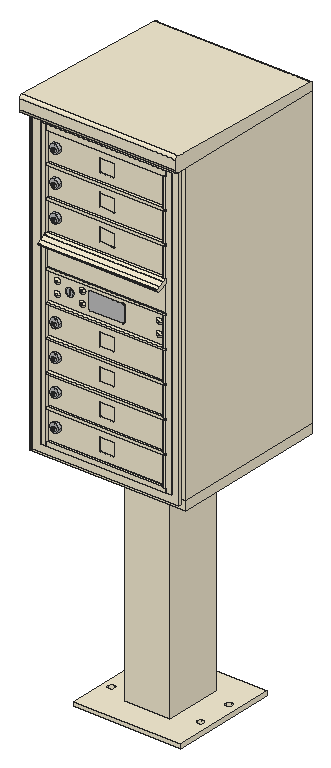
Revit family "Mailboxes_4C-Salsbury_Industries-Pedestal_Mounted-9_Door_High_Units", category Specialty Equipment, Revit 2016
Family settings
  Part Type = Normal
  Round Connector Dimension = Use Diameter
  OmniClass Number = 23.40.90.14.11
  OmniClass Title = Mail Boxes
  Work Plane-Based = No
  Always vertical = Yes
  Cut with Voids When Loaded = No
  Shared = No
  Room Calculation Point = No
Parameters (values of type "3409S-07")
  Width = 17.496"
  Visible Door Number [instance] = yes
  Version = "1.0 (06/30/17)"
  URL = "www.mailboxes.com"
  Type Comments = "Pedestal Mounted 4C Horizontal Mailboxes - Front Loading"
  OmniClass 23 Title = "Mail Boxes"
  OmniClass 23 Number = "23.40.90.14.11"
  Model = "3409S-07"
  MasterFormat Title = "Postal Specialties"
  MasterFormat Number = "10 55 00"
  Manufacturer = "Salsbury Industries"
  Lock Material = Stainless Steel - Salsbury Finish -  Polished
  Height = 62.125"
  Front Panel Material [instance] = Paint - Salsbury Finish - Sandstone
  Pedestal Height = 26.000"
  Door Slot R9 Number [instance] = "7"
  Door Slot R8 Number [instance] = "6"
  Door Slot R7 Number [instance] = "5"
  Door Slot R6 Number [instance] = "4"
  Door Slot R5 Number [instance] = "0"
  Door Slot R4 Number [instance] = "0"
  Door Slot R3 Number [instance] = "3"
  Door Slot R2 Number [instance] = "2"
  Door Slot R1 Number [instance] = "1"
  Door Slot L9 Number [instance] = "0"
  Door Slot L8 Number [instance] = "0"
  Door Slot L7 Number [instance] = "0"
  Door Slot L6 Number [instance] = "0"
  Door Slot L5 Number [instance] = "0"
  Door Slot L4 Number [instance] = "0"
  Door Slot L3 Number [instance] = "0"
  Door Slot L2 Number [instance] = "0"
  Door Slot L1 Number [instance] = "0"
  Description = "9 Door High Unit:  7 MB1, OM2"
  Depth = 19.000"
  Assembly Description = "Mailboxes"
  Assembly Code = "C1030910"
  4C Unit Height = 34.000"
  4C Unit Elevation = 26.375"
  4C Unit = Mailboxes_4C-Salsbury_Industries-Front_Load-9_Door_High_Units : 3709S-07 FL
Reference planes (in)
  plane 1 "Center (Front/Back)": y = 0
  plane 2 "Bottom of Unit": z = 0
  plane 3 "Center (Left/Right)": x = 0
  plane 4 "Left Side of Unit": x = 8.748
  plane 5 "Right Side of Unit": x = -8.748
  plane 6 "Front of Unit": y = -9.5
  plane 7 "Back of Unit": y = 9.5
  plane 8: z = 31.0625
  plane 9 "Top of Unit": z = 62.125
  plane 10 "Top Trim Line of Enclosure": z = 60.375
  plane 11 "Left Trim Line of Enclosure": x = 7.6855
  plane 12 "Right Trim Line of Enclosure": x = -7.685
  plane 13 "Top Back Line of Unit": z = 61.375
  plane 14 "Top of Pedestal, Bottom of Enclosure": z = 26
  plane 15 "Alignment of 4C Unit": y = -8.125
  plane 16: x = -8.667
  plane 17: x = 8.667
  plane 18: y = 9.419
  plane 19: y = -8.044
  plane 20: x = -8.667
  plane 21: x = 8.667
  plane 22: y = -8.044
  plane 23: y = 9.419
  plane 24: x = -8.667
  plane 25: x = 8.667
  plane 26: y = 9.419
  plane 27: y = -8.044
  plane 28 "Bottom Trim Line of 4C Unit": z = 26.375
  plane 29 "4C Unit Side Alignment": x = -8.17183
  plane 30 "Top Pedestal Base-Bottom Side": z = 25.5
  plane 31 "Bottom Line of Enclosure Opening": z = 27
  plane 32: z = 26.081
  plane 33 "Bottom Pedestal Base-Top Side": z = 0.5
  plane 34 "Pedestal Support - Left Side": x = -2.50001
  plane 35 "Pedestal Support - Right Side": x = 2.50001
  plane 36 "Back of Pedestal Base": y = 6.625
  plane 37 "Front of Pedestal Base": y = -5.375
  plane 38 "Pedestal Support - Back": y = 3.812
  plane 39 "Pedestal Support - Front": y = -2.563
  plane 40 "Left Side of Pedestal Base": x = -6
  plane 41 "Right Side of Pedestal Base": x = 6
  plane 42: y = 2.625
  plane 43: y = -1.375
  plane 44: x = -5
  plane 45: x = 5
Forms (in)
  Extrusion 1, solid, material "Paint - Salsbury Finish - Sandstone" <- "Front Panel Material"
    sketch origin (0, 0, 1.5) x (0, 1, 0) y (-1, 0, 0)
      loop
        line (-8.125, 7.685) -> (-8.044, 7.685) -> (-8.044, 8.667) -> (9.419, 8.667) -> (9.419, -8.667) -> (-8.044, -8.667) -> (-8.044, -7.6855) -> (-8.125, -7.6855) -> (-8.125, -8.748) -> (9.5, -8.748) -> (9.5, 8.748) -> (-8.125, 8.748) -> (-8.125, 7.685)
    from 25.5 to 58.875
  Extrusion 2, solid, material "Paint - Salsbury Finish - Sandstone" <- "Front Panel Material"
    sketch origin (0, 0, 26) x (0, 1, 0) y (-1, 0, 0)
      loop
        line (9.5, 8.748) -> (-8.125, 8.748) -> (-8.125, -8.748) -> (9.5, -8.748) -> (9.5, 8.748)
      loop
        line (9.419, 8.667) -> (-8.044, 8.667) -> (-8.044, -8.667) -> (9.419, -8.667) -> (9.419, 8.667)
    from 0 to 1
  Extrusion 3, solid, material "Paint - Salsbury Finish - Sandstone" <- "Front Panel Material"
    sketch origin (0, 0, 26) x (0, 1, 0) y (-1, 0, 0)
      loop
        line (9.419, 8.667) -> (-8.044, 8.667) -> (-8.044, -8.667) -> (9.419, -8.667) -> (9.419, 8.667)
    from 0 to 0.081
  Extrusion 4, solid, material "Paint - Salsbury Finish - Sandstone" <- "Front Panel Material"
    sketch origin (0, 0, 0) x (0, 1, 0) y (0, 0, 1)
      loop
        line (-9.18965, 60.375) -> (9.5, 60.375) -> (9.5, 61.26571)
        arc (9.5, 61.26571) -> (9.47754, 61.33373) -> (9.419, 61.375) r 0.11423
        line (9.419, 61.375) -> (-9.184, 62.125)
        arc (-9.184, 62.125) -> (-9.40731, 62.03386) -> (-9.5, 61.81119) r 0.31382
        line (-9.5, 61.81119) -> (-9.5, 60.68535)
        arc (-9.5, 60.68535) -> (-9.4091, 60.4659) -> (-9.18965, 60.375) r 0.31035
    from -8.748 to 8.748
  Extrusion 5, solid, material "Paint - Salsbury Finish - Sandstone" <- "Front Panel Material"
    sketch origin (0, 0, 0) x (1, 0, 0) y (0, 1, 0)
      loop
        line (-6, 6.625) -> (-6, -5.375) -> (6, -5.375) -> (6, 6.625) -> (-6, 6.625)
    from 0 to 0.5
  Extrusion 6, solid, material "Paint - Salsbury Finish - Sandstone" <- "Front Panel Material"
    sketch origin (0, 0, 25.5) x (0, -1, 0) y (1, 0, 0)
      loop
        line (-6.625, -6) -> (5.375, -6) -> (5.375, 6) -> (-6.625, 6) -> (-6.625, -6)
    from 0 to 0.5
  Extrusion 7, solid, material "Paint - Salsbury Finish - Sandstone" <- "Front Panel Material"
    sketch origin (0, 0, 0.5) x (0, -1, 0) y (1, 0, 0)
      loop
        line (-3.812, -2.50001) -> (2.563, -2.50001) -> (2.563, 2.50001) -> (-3.812, 2.50001) -> (-3.812, -2.50001)
    from 0 to 25
  Extrusion 8, void
    sketch origin (0, 0, 0) x (1, 0, 0) y (0, 1, 0)
      loop
        circle (-5, 2.625) r 0.375
      loop
        circle (-5, -1.375) r 0.375
      loop
        circle (5, 2.625) r 0.375
      loop
        circle (5, -1.375) r 0.375
    from 0 to 0.5
  Extrusion 9, void
    sketch origin (0, 0, 25.5) x (0, -1, 0) y (1, 0, 0)
      loop
        circle (-2.625, -5) r 0.375
      loop
        circle (1.375, -5) r 0.375
      loop
        circle (-2.625, 5) r 0.375
      loop
        circle (1.375, 5) r 0.375
    from 0 to 0.5
Cuts and joins
  Extrusion 8 cuts Extrusion 5
  Extrusion 9 cuts Extrusion 3
  Extrusion 9 cuts Extrusion 6
Lines and regions (in)
  symbolic lines
    curve 1: line (-8.748, 9.5, 0) -> (8.748, 9.5, 0)
    curve 2: line (-8.748, -8.125, 0) -> (-8.748, 9.5, 0)
    curve 3: line (8.748, -8.125, 0) -> (-8.748, -8.125, 0)
    curve 4: line (8.748, 9.5, 0) -> (8.748, -8.125, 0)
    curve 5: line (-8.748, 0, 62.125) -> (8.748, 0, 62.125)
    curve 6: line (-8.748, 0, 26) -> (-8.748, 0, 62.125)
    curve 7: line (8.748, 0, 26) -> (-8.748, 0, 26)
    curve 8: line (8.748, 0, 62.125) -> (8.748, 0, 26)
    curve 9: line (-8.748, 0, 60.375) -> (8.748, 0, 60.375)
    curve 10: line (-7.685, 0, 27) -> (-7.685, 0, 60.375)
    curve 11: line (7.6855, 0, 27) -> (7.6855, 0, 60.375)
    curve 12: line (0, -8.125, 60.37573) -> (0, 9.5, 60.37573)
    curve 13: line (0, -8.125, 26) -> (0, -8.125, 60.37573)
    curve 14: line (0, 6.625, 0) -> (0, -5.375, 0)
    curve 15: line (0, 9.5, 60.37573) -> (0, 9.5, 26)
    curve 16: line (0, -8.125, 27) -> (0, 9.5, 27)
    curve 17: line (0, 9.5, 61.26571) -> (0, 9.5, 60.37573)
    curve 18: line (0, 9.5, 60.37573) -> (0, -9.19074, 60.37573)
    curve 19: line (0, -9.5, 60.68499) -> (0, -9.5, 61.81031)
    curve 20: arc (0, -9.19074, 60.37573) -> (0, -9.40942, 60.46631) -> (0, -9.5, 60.68499) r 0.30926
    curve 21: arc (0, -9.5, 61.81031) -> (0, -9.40736, 62.03396) -> (0, -9.18371, 62.1266) r 0.31629
    curve 22: arc (0, 9.5, 61.26571) -> (0, 9.47754, 61.33373) -> (0, 9.419, 61.375) r 0.11423
    curve 23: line (0, 9.419, 61.375) -> (0, -9.18371, 62.1266)
    curve 24: line (-8.748, 0, 27) -> (8.748, 0, 27)
    curve 25: line (-6, 0, 26) -> (-6, 0, 25.5)
    curve 26: line (-6, 0, 25.5) -> (6, 0, 25.5)
    curve 27: line (6, 0, 25.5) -> (6, 0, 26)
    curve 28: line (-6, 0, 0.5) -> (6, 0, 0.5)
    curve 29: line (-6, 0, 0) -> (-6, 0, 0.5)
    curve 30: line (6, 0, 0) -> (-6, 0, 0)
    curve 31: line (6, 0, 0.5) -> (6, 0, 0)
    curve 32: line (-2.50001, 0, 0.5) -> (-2.50001, 0, 25.5)
    curve 33: line (2.50001, 0, 0.5) -> (2.50001, 0, 25.5)
    curve 34: line (0, -8.125, 26) -> (0, 9.5, 26)
    curve 35: line (0, -5.375, 26) -> (0, -5.375, 25.5)
    curve 36: line (0, -5.375, 25.5) -> (0, 6.625, 25.5)
    curve 37: line (0, 6.625, 25.5) -> (0, 6.625, 26)
    curve 38: line (0, 6.625, 0) -> (0, 6.625, 0.5)
    curve 39: line (0, 6.625, 0.5) -> (0, -5.375, 0.5)
    curve 40: line (0, -5.375, 0.5) -> (0, -5.375, 0)
    curve 41: line (0, -2.563, 0.5) -> (0, -2.563, 25.5)
    curve 42: line (0, 3.812, 0.5) -> (0, 3.812, 25.5)
Dimensions and locks (in)
  equal spacing: plane 6 "Front of Unit", plane 1 "Center (Front/Back)", plane 7 "Back of Unit"
  "Depth": plane 6 "Front of Unit" to plane 7 "Back of Unit"
  equal spacing: plane 5 "Right Side of Unit", plane 3 "Center (Left/Right)", plane 4 "Left Side of Unit"
  "Width": plane 5 "Right Side of Unit" to plane 4 "Left Side of Unit"
  equal spacing: plane 2 "Bottom of Unit", plane 8, plane 9 "Top of Unit"
  plane 2 "Bottom of Unit" to plane 9 "Top of Unit" = 62.125"
  "Pedestal Height": plane 2 "Bottom of Unit" to plane 14 "Top of Pedestal, Bottom of Enclosure"
  locked: plane 5 "Right Side of Unit" to plane 12 "Right Trim Line of Enclosure" at 1.063
  locked: plane 11 "Left Trim Line of Enclosure" to plane 4 "Left Side of Unit" at 1.0625
  plane 10 "Top Trim Line of Enclosure" to plane 13 "Top Back Line of Unit" to plane 9 "Top of Unit" = 1.000", 0.750"
  plane 6 "Front of Unit" to plane 15 "Alignment of 4C Unit" = 1.375"
  plane 10 "Top Trim Line of Enclosure" to plane 9 "Top of Unit" = 1.750"
  plane 5 "Right Side of Unit" to plane 16 = 0.081"
  plane 18 to plane 7 "Back of Unit" = 0.081"
  plane 17 to plane 4 "Left Side of Unit" = 0.081"
  plane 15 "Alignment of 4C Unit" to plane 19 = 0.081"
  plane 23 to plane 7 "Back of Unit" = 0.081"
  plane 5 "Right Side of Unit" to plane 20 = 0.081"
  plane 21 to plane 4 "Left Side of Unit" = 0.081"
  plane 15 "Alignment of 4C Unit" to plane 22 = 0.081"
  plane 15 "Alignment of 4C Unit" to plane 27 = 0.081"
  plane 25 to plane 4 "Left Side of Unit" = 0.081"
  plane 5 "Right Side of Unit" to plane 24 = 0.081"
  plane 26 to plane 7 "Back of Unit" = 0.081"
  plane 29 "4C Unit Side Alignment" to plane 12 "Right Trim Line of Enclosure" = 0.48683"
  "Height": plane 9 "Top of Unit" to plane 2 "Bottom of Unit"
  "4C Unit Height": plane 10 "Top Trim Line of Enclosure" to plane 28 "Bottom Trim Line of 4C Unit"
  plane 31 "Bottom Line of Enclosure Opening" to plane 14 "Top of Pedestal, Bottom of Enclosure" to plane 30 "Top Pedestal Base-Bottom Side" = 1.000", 0.500"
  locked: plane 32 to plane 14 "Top of Pedestal, Bottom of Enclosure" at 0.081
  plane 33 "Bottom Pedestal Base-Top Side" to plane 2 "Bottom of Unit" = 0.500"
  equal spacing: plane 34 "Pedestal Support - Left Side", plane 3 "Center (Left/Right)", plane 35 "Pedestal Support - Right Side"
  plane 34 "Pedestal Support - Left Side" to plane 35 "Pedestal Support - Right Side" = 5.00002"
  plane 37 "Front of Pedestal Base" to plane 1 "Center (Front/Back)" to plane 36 "Back of Pedestal Base" = 5.375", 6.625"
  plane 40 "Left Side of Pedestal Base" to plane 3 "Center (Left/Right)" to plane 41 "Right Side of Pedestal Base" = 6.000", 6.000"
  plane 39 "Pedestal Support - Front" to plane 1 "Center (Front/Back)" to plane 38 "Pedestal Support - Back" = 2.563", 3.812"
  plane 45 to plane 41 "Right Side of Pedestal Base" = 1.000"
  plane 40 "Left Side of Pedestal Base" to plane 44 = 1.000"
  plane 42 to plane 36 "Back of Pedestal Base" = 4.000"
  plane 37 "Front of Pedestal Base" to plane 43 = 4.000"
  aligned and locked: level to plane 2 "Bottom of Unit"
  aligned and locked: Extrusion 1 to plane 10 "Top Trim Line of Enclosure"
  aligned and locked: Extrusion 2 sketch curve to Extrusion 1  (x4)
  aligned and locked: Extrusion 3 sketch curve to Extrusion 1  (x3)
  aligned and locked: Extrusion 4 to plane 4 "Left Side of Unit"
  aligned and locked: plane 5 "Right Side of Unit" to Extrusion 4
  aligned and locked: plane 12 "Right Trim Line of Enclosure" to Extrusion 1 sketch curve
  aligned and locked: Extrusion 1 sketch curve to plane 19
  aligned and locked: Extrusion 1 sketch curve to plane 15 "Alignment of 4C Unit"  (x2)
  aligned and locked: Extrusion 1 sketch curve to plane 5 "Right Side of Unit"
  aligned and locked: plane 16 to Extrusion 1 sketch curve
  aligned and locked: Extrusion 1 sketch curve to plane 18
  aligned and locked: plane 7 "Back of Unit" to Extrusion 1 sketch curve
  aligned and locked: plane 4 "Left Side of Unit" to Extrusion 1 sketch curve
  aligned and locked: Extrusion 1 sketch curve to plane 17
  aligned and locked: plane 19 to Extrusion 1 sketch curve
  aligned and locked: plane 11 "Left Trim Line of Enclosure" to Extrusion 1 sketch curve
  aligned and locked: plane 6 "Front of Unit" to Extrusion 4 sketch curve  (x2)
  aligned and locked: plane 10 "Top Trim Line of Enclosure" to Extrusion 4 sketch curve
  aligned and locked: Extrusion 4 sketch curve to plane 7 "Back of Unit"
  aligned and locked: plane 7 "Back of Unit" to Extrusion 4 sketch curve
  aligned and locked: plane 13 "Top Back Line of Unit" to Extrusion 4 sketch curve
  aligned and locked: plane 9 "Top of Unit" to Extrusion 4 sketch curve
  aligned and locked: plane 21 to Extrusion 2 sketch curve
  aligned and locked: Extrusion 2 sketch curve to plane 20
  aligned and locked: plane 23 to Extrusion 2 sketch curve
  aligned and locked: curve 1 to Extrusion 1
  aligned and locked: curve 2 to Extrusion 1
  aligned and locked: curve 3 to Extrusion 2
  aligned and locked: curve 4 to Extrusion 1
  aligned and locked: curve 6 to Extrusion 4
  aligned and locked: curve 7 to Extrusion 2
  aligned and locked: plane 9 "Top of Unit" to curve 5
  aligned and locked: curve 9 to Extrusion 1
  aligned and locked: plane 5 "Right Side of Unit" to curve 9
  aligned and locked: plane 4 "Left Side of Unit" to curve 9
  aligned and locked: Extrusion 1 to curve 10
  aligned and locked: curve 11 to Extrusion 1
  aligned and locked: plane 10 "Top Trim Line of Enclosure" to curve 11
  aligned and locked: plane 7 "Back of Unit" to curve 15
  aligned and locked: plane 2 "Bottom of Unit" to curve 14
  aligned and locked: plane 10 "Top Trim Line of Enclosure" to Extrusion 4
  aligned and locked: plane 15 "Alignment of 4C Unit" to Extrusion 1
  aligned and locked: Extrusion 1 to curve 16
  aligned and locked: plane 7 "Back of Unit" to curve 16
  aligned and locked: plane 15 "Alignment of 4C Unit" to curve 16
  aligned and locked: curve 17 to Extrusion 4
  aligned and locked: curve 18 to curve 12
  aligned and locked: curve 19 to Extrusion 4
  aligned and locked: Extrusion 2 to plane 31 "Bottom Line of Enclosure Opening"
  aligned and locked: Extrusion 1 to Extrusion 2
  aligned and locked: plane 14 "Top of Pedestal, Bottom of Enclosure" to Extrusion 3
  aligned and locked: Extrusion 3 to plane 32
  aligned and locked: plane 36 "Back of Pedestal Base" to Extrusion 5 sketch curve
  aligned and locked: Extrusion 5 sketch curve to plane 40 "Left Side of Pedestal Base"
  aligned and locked: Extrusion 5 sketch curve to plane 37 "Front of Pedestal Base"
  aligned and locked: plane 41 "Right Side of Pedestal Base" to Extrusion 5 sketch curve
  aligned and locked: Extrusion 5 to plane 33 "Bottom Pedestal Base-Top Side"
  aligned and locked: Extrusion 6 sketch curve to plane 36 "Back of Pedestal Base"
  aligned and locked: plane 40 "Left Side of Pedestal Base" to Extrusion 6 sketch curve
  aligned and locked: plane 37 "Front of Pedestal Base" to Extrusion 6 sketch curve
  aligned and locked: Extrusion 6 sketch curve to plane 41 "Right Side of Pedestal Base"
  aligned and locked: Extrusion 6 to plane 14 "Top of Pedestal, Bottom of Enclosure"
  aligned and locked: plane 30 "Top Pedestal Base-Bottom Side" to Extrusion 6
  aligned and locked: Extrusion 5 to level
  aligned and locked: Extrusion 7 sketch curve to plane 38 "Pedestal Support - Back"
  aligned and locked: plane 34 "Pedestal Support - Left Side" to Extrusion 7 sketch curve
  aligned and locked: plane 39 "Pedestal Support - Front" to Extrusion 7 sketch curve
  aligned and locked: Extrusion 7 sketch curve to plane 35 "Pedestal Support - Right Side"
  aligned and locked: Extrusion 7 to plane 30 "Top Pedestal Base-Bottom Side"
  aligned and locked: plane 33 "Bottom Pedestal Base-Top Side" to Extrusion 7
  aligned and locked: Extrusion 8 to plane 33 "Bottom Pedestal Base-Top Side"
  aligned and locked: Extrusion 8 to level
  aligned and locked: Extrusion 9 to plane 14 "Top of Pedestal, Bottom of Enclosure"
  aligned and locked: plane 30 "Top Pedestal Base-Bottom Side" to Extrusion 9
  aligned and locked: plane 31 "Bottom Line of Enclosure Opening" to curve 24
  aligned and locked: plane 31 "Bottom Line of Enclosure Opening" to curve 11
  aligned and locked: curve 25 to cut or joined group of Extrusion 6, Extrusion 9
  aligned and locked: curve 26 to cut or joined group of Extrusion 6, Extrusion 9
  aligned and locked: curve 27 to cut or joined group of Extrusion 6, Extrusion 9
  aligned and locked: curve 28 to cut or joined group of Extrusion 5, Extrusion 8
  aligned and locked: curve 29 to cut or joined group of Extrusion 5, Extrusion 8
  aligned and locked: curve 30 to cut or joined group of Extrusion 5, Extrusion 8
  aligned and locked: curve 31 to cut or joined group of Extrusion 5, Extrusion 8
  aligned and locked: curve 13 to Extrusion 2
  aligned and locked: curve 34 to Extrusion 2
  aligned and locked: curve 35 to cut or joined group of Extrusion 6, Extrusion 9
  aligned and locked: curve 36 to cut or joined group of Extrusion 6, Extrusion 9
  aligned and locked: curve 37 to cut or joined group of Extrusion 6, Extrusion 9
  aligned and locked: curve 38 to cut or joined group of Extrusion 5, Extrusion 8
  aligned and locked: curve 39 to cut or joined group of Extrusion 5, Extrusion 8
  aligned and locked: curve 40 to cut or joined group of Extrusion 5, Extrusion 8
  aligned and locked: curve 33 to Extrusion 7
  aligned and locked: plane 29 "4C Unit Side Alignment" to nested 1
Automatic sketch dimensions
  Extrusion 4 sketch curve to plane 26 = 0.000"
  Extrusion 4 sketch curve to plane 6 "Front of Unit" = 0.31035"
  Extrusion 4 sketch curve to plane 6 "Front of Unit" = 0.31382"
  plane 26 to Extrusion 4 sketch curve = 0.03323"
  Extrusion 4 sketch curve to Extrusion 4 sketch curve = 0.00218"
  plane 22 to Extrusion 2 sketch curve = 0.000"
  plane 27 to Extrusion 3 sketch curve = 0.000"
  plane 43 to Extrusion 8 sketch curve = 0.000"  (x2)
  Extrusion 8 sketch curve to plane 44 = 0.000"  (x2)
  plane 42 to Extrusion 8 sketch curve = 0.000"  (x2)
  Extrusion 8 sketch curve to plane 45 = 0.000"  (x2)
  plane 42 to Extrusion 9 sketch curve = 0.000"  (x2)
  plane 43 to Extrusion 9 sketch curve = 0.000"  (x2)
  Extrusion 9 sketch curve to plane 44 = 0.000"  (x2)
  Extrusion 9 sketch curve to plane 45 = 0.000"  (x2)
  plane 13 "Top Back Line of Unit" to curve 23 = 0.000"
  curve 23 to plane 26 = 0.000"
  curve 20 to plane 6 "Front of Unit" = 0.30926"
  curve 21 to curve 21 = 0.31629"
  plane 26 to curve 22 = 0.03323"
  curve 13 to plane 10 "Top Trim Line of Enclosure" = 0.00073"
  plane 9 "Top of Unit" to curve 19 = 0.31469"
  curve 41 to plane 39 "Pedestal Support - Front" = 0.000"
  curve 42 to plane 38 "Pedestal Support - Back" = 0.000"
  plane 34 "Pedestal Support - Left Side" to curve 32 = 0.000"
  curve 25 to plane 14 "Top of Pedestal, Bottom of Enclosure" = 0.000"
  radius of Extrusion 8 sketch curve = 0.375"  (x4)
  radius of Extrusion 9 sketch curve = 0.375"  (x4)
Nested families (in)
  nested 1: "Mailboxes_4C-Salsbury_Industries-Front_Load-9_Door_High_Units" at (7.377, -8.125, -0.308) x (-1, 0, 0) z (0, 0, 1), built-in parameter 1001360 <- "4C Unit Elevation", type <- "4C Unit", Front Panel Material <- "Front Panel Material", Visible Door Number <- "Visible Door Number", Door Slot L1 Number <- "Door Slot L1 Number", Door Slot L2 Number <- "Door Slot L2 Number", Door Slot L3 Number <- "Door Slot L3 Number", Door Slot L4 Number <- "Door Slot L4 Number", Door Slot L5 Number <- "Door Slot L5 Number", Door Slot L6 Number <- "Door Slot L6 Number", Door Slot L7 Number <- "Door Slot L7 Number", Door Slot L8 Number <- "Door Slot L8 Number", Door Slot L9 Number <- "Door Slot L9 Number", Door Slot R1 Number <- "Door Slot R1 Number", Door Slot R2 Number <- "Door Slot R2 Number", Door Slot R3 Number <- "Door Slot R3 Number", Door Slot R4 Number <- "Door Slot R4 Number", Door Slot R5 Number <- "Door Slot R5 Number", Door Slot R6 Number <- "Door Slot R6 Number", Door Slot R7 Number <- "Door Slot R7 Number", Door Slot R8 Number <- "Door Slot R8 Number", Door Slot R9 Number <- "Door Slot R9 Number", type "3709S-07 FL"
    with Visible Door Number yes, Front Panel Material Paint - Salsbury Finish - Sandstone, Door Slot R9 Number "7", Door Slot R8 Number "6", Door Slot R7 Number "5", Door Slot R6 Number "4", Door Slot R5 Number "0", Door Slot R4 Number "0", Door Slot R3 Number "3", Door Slot R2 Number "2", Door Slot R1 Number "1", Door Slot L9 Number "0", Door Slot L8 Number "0", Door Slot L7 Number "0", Door Slot L6 Number "0", Door Slot L5 Number "0", Door Slot L4 Number "0", Door Slot L3 Number "0", Door Slot L2 Number "0", Door Slot L1 Number "0", built-in parameter 1001320 48.000"
Definition of nested family "Mailboxes_4C-Salsbury_Industries-Front_Load-9_Door_High_Units"
  Parameters (values of type "3709S-07 FL")
    Width = 16.344"
    URL = "www.mailboxes.com"
    OmniClass 23 Title = "Mail Boxes"
    OmniClass 23 Number = "23.40.90.14.11"
    Visible Door Number [instance] = yes
    Vertical Center Divider = no
    Version = "3.0 (06/30/17)"
    Type Comments = "4C Standard Horizontal Mailbox - Front Loading"
    Top Back Plate = yes
    Right Inside Wall = yes
    Model = "3709S-07 FL"
    MasterFormat Title = "Postal Specialties"
    MasterFormat Number = "10 55 00"
    Manufacturer = "Salsbury Industries"
    Mail Door Symbollic = yes
    Lock Material = none
    Left Inside Wall = yes
    Keynote = ""
    Height = 34.000"
    Front Panel Material [instance] = none
    Door Slot R9 Number [instance] = "7"
    Door Slot R9 = 3700 Series 4C Door Configurations : MB1 Door w/ Divider
    Door Slot R8 Number [instance] = "6"
    Door Slot R8 = 3700 Series 4C Door Configurations : MB1 Door w/ Divider
    Door Slot R7 Number [instance] = "5"
    Door Slot R7 = 3700 Series 4C Door Configurations : MB1 Door w/ Divider
    Door Slot R6 Number [instance] = "4"
    Door Slot R6 = 3700 Series 4C Door Configurations : MB1 Door w/ Divider
    Door Slot R5 Number [instance] = "0"
    Door Slot R5 = 3700 Series 4C OM2 Configuration : OM2-FL
    Door Slot R4 Number [instance] = "0"
    Door Slot R4 = 3700 Series 4C Door Configurations : Empty
    Door Slot R3 Number [instance] = "3"
    Door Slot R3 = 3700 Series 4C Door Configurations : MB1 Door w/ Divider
    Door Slot R2 Number [instance] = "2"
    Door Slot R2 = 3700 Series 4C Door Configurations : MB1 Door w/ Divider
    Door Slot R1 Number [instance] = "1"
    Door Slot R1 = 3700 Series 4C Door Configurations : MB1 Door
    Door Slot L9 Number [instance] = "0"
    Door Slot L9 = 3700 Series 4C Door Configurations : Empty
    Door Slot L8 Number [instance] = "0"
    Door Slot L8 = 3700 Series 4C Door Configurations : Empty
    Door Slot L7 Number [instance] = "0"
    Door Slot L7 = 3700 Series 4C Door Configurations : Empty
    Door Slot L6 Number [instance] = "0"
    Door Slot L6 = 3700 Series 4C Door Configurations : Empty
    Door Slot L5 Number [instance] = "0"
    Door Slot L5 = 3700 Series 4C Door Configurations : Empty
    Door Slot L4 Number [instance] = "0"
    Door Slot L4 = 3700 Series 4C Door Configurations : Empty
    Door Slot L3 Number [instance] = "0"
    Door Slot L3 = 3700 Series 4C Door Configurations : Empty
    Door Slot L2 Number [instance] = "0"
    Door Slot L2 = 3700 Series 4C Door Configurations : Empty
    Door Slot L1 Number [instance] = "0"
    Door Slot L1 = 3700 Series 4C Door Configurations : Empty
    Description = "9 Door High Unit:  7 MB1, OM2"
    Depth = 17.025"
    Default Elevation [instance] = 48.000"
    Center Extrusion Offset = 0.000"
    Bottom Back Plate = yes
    Back Enclosure Material = none
    Assembly Description = "Mailboxes"
    Assembly Code = "C1030910"
  Types (13): name | Width | Vertical Center Divider | Type Comments | Top Back Plate | Right Inside Wall | Model | Mail Door Symbollic | Left Inside Wall | Door Slot R9 Number | Door Slot R9 | Door Slot R8 Number | Door Slot R8 | Door Slot R7 Number | Door Slot R7 | Door Slot R6 Number | Door Slot R6 | Door Slot R5 | Door Slot R4 Number | Door Slot R4 | Door Slot R3 Number | Door Slot R3 | Door Slot R2 Number | Door Slot R2 | Door Slot R1 Number | Door Slot R1 | Door Slot L9 Number | Door Slot L9 | Door Slot L8 Number | Door Slot L8 | Door Slot L7 Number | Door Slot L7 | Door Slot L6 Number | Door Slot L6 | Door Slot L5 Number | Door Slot L5 | Door Slot L4 Number | Door Slot L4 | Door Slot L3 Number | Door Slot L3 | Door Slot L2 Number | Door Slot L2 | Door Slot L1 Number | Door Slot L1 | Description | Center Extrusion Offset | Bottom Back Plate
    3709S-1B FL | 16.344" | no | "4C Horizontal Receptacle Bin - Front Loading" | no | no | "3709S-1B FL" | no | no | "0" | 4C-9 Door High Receptacle : 4C-9 Door High Receptacle | "0" | 3700 Series 4C Door Configurations : Empty | "0" | 3700 Series 4C Door Configurations : Empty | "0" | 3700 Series 4C Door Configurations : Empty | 3700 Series 4C Door Configurations : Empty | "0" | 3700 Series 4C Door Configurations : Empty | "0" | 3700 Series 4C Door Configurations : Empty | "0" | 3700 Series 4C Door Configurations : Empty | "0" | 3700 Series 4C Door Configurations : Empty | "0" | 3700 Series 4C Door Configurations : Empty | "0" | 3700 Series 4C Door Configurations : Empty | "0" | 3700 Series 4C Door Configurations : Empty | "0" | 3700 Series 4C Door Configurations : Empty | "0" | 3700 Series 4C Door Configurations : Empty | "0" | 3700 Series 4C Door Configurations : Empty | "0" | 3700 Series 4C Door Configurations : Empty | "0" | 3700 Series 4C Door Configurations : Empty | "0" | 3700 Series 4C Door Configurations : Empty | "9 Door High Unit" | 48.000" | no
    3709S-1C FL | 16.344" | no | "4C Horizontal Collection Box - Front Loading" | no | no | "3709S-1C FL" | no | no | "0" | 4C-9 Door High Collection Box : 4C-9 Door High Collection Box | "0" | 3700 Series 4C Door Configurations : Empty | "0" | 3700 Series 4C Door Configurations : Empty | "0" | 3700 Series 4C Door Configurations : Empty | 3700 Series 4C Door Configurations : Empty | "0" | 3700 Series 4C Door Configurations : Empty | "0" | 3700 Series 4C Door Configurations : Empty | "0" | 3700 Series 4C Door Configurations : Empty | "0" | 3700 Series 4C Door Configurations : Empty | "0" | 3700 Series 4C Door Configurations : Empty | "0" | 3700 Series 4C Door Configurations : Empty | "0" | 3700 Series 4C Door Configurations : Empty | "0" | 3700 Series 4C Door Configurations : Empty | "0" | 3700 Series 4C Door Configurations : Empty | "0" | 3700 Series 4C Door Configurations : Empty | "0" | 3700 Series 4C Door Configurations : Empty | "0" | 3700 Series 4C Door Configurations : Empty | "0" | 3700 Series 4C Door Configurations : Empty | "9 Door High Unit" | 48.000" | no
    3709D-16 FL | 31.09766" | yes | "4C Standard Horizontal Mailbox - Front Loading" | yes | yes | "3709D-16 FL" | yes | yes | "16" | 3700 Series 4C Door Configurations : MB1 Door w/ Divider | "15" | 3700 Series 4C Door Configurations : MB1 Door w/ Divider | "14" | 3700 Series 4C Door Configurations : MB1 Door w/ Divider | "13" | 3700 Series 4C Door Configurations : MB1 Door w/ Divider | 3700 Series 4C OM2 Configuration : OM2-FL | "0" | 3700 Series 4C Door Configurations : Empty | "12" | 3700 Series 4C Door Configurations : MB1 Door w/ Divider | "11" | 3700 Series 4C Door Configurations : MB1 Door w/ Divider | "10" | 3700 Series 4C Door Configurations : MB1 Door | "9" | 3700 Series 4C Door Configurations : MB1 Door w/ Divider | "8" | 3700 Series 4C Door Configurations : MB1 Door w/ Divider | "7" | 3700 Series 4C Door Configurations : MB1 Door w/ Divider | "6" | 3700 Series 4C Door Configurations : MB1 Door w/ Divider | "5" | 3700 Series 4C Door Configurations : MB1 Door w/ Divider | "4" | 3700 Series 4C Door Configurations : MB1 Door w/ Divider | "3" | 3700 Series 4C Door Configurations : MB1 Door w/ Divider | "2" | 3700 Series 4C Door Configurations : MB1 Door w/ Divider | "1" | 3700 Series 4C Door Configurations : MB1 Door | "9 Door High Unit:  16 MB1, OM2" | 0.000" | yes
    3709S-07 FL | 16.344" | no | "4C Standard Horizontal Mailbox - Front Loading" | yes | yes | "3709S-07 FL" | yes | yes | "7" | 3700 Series 4C Door Configurations : MB1 Door w/ Divider | "6" | 3700 Series 4C Door Configurations : MB1 Door w/ Divider | "5" | 3700 Series 4C Door Configurations : MB1 Door w/ Divider | "4" | 3700 Series 4C Door Configurations : MB1 Door w/ Divider | 3700 Series 4C OM2 Configuration : OM2-FL | "0" | 3700 Series 4C Door Configurations : Empty | "3" | 3700 Series 4C Door Configurations : MB1 Door w/ Divider | "2" | 3700 Series 4C Door Configurations : MB1 Door w/ Divider | "1" | 3700 Series 4C Door Configurations : MB1 Door | "0" | 3700 Series 4C Door Configurations : Empty | "0" | 3700 Series 4C Door Configurations : Empty | "0" | 3700 Series 4C Door Configurations : Empty | "0" | 3700 Series 4C Door Configurations : Empty | "0" | 3700 Series 4C Door Configurations : Empty | "0" | 3700 Series 4C Door Configurations : Empty | "0" | 3700 Series 4C Door Configurations : Empty | "0" | 3700 Series 4C Door Configurations : Empty | "0" | 3700 Series 4C Door Configurations : Empty | "9 Door High Unit:  7 MB1, OM2" | 0.000" | yes
    3709D-15 FL | 31.09766" | yes | "4C Standard Horizontal Mailbox - Front Loading" | yes | yes | "3709D-15 FL" | yes | yes | "15" | 3700 Series 4C Door Configurations : MB1 Door w/ Divider | "14" | 3700 Series 4C Door Configurations : MB1 Door w/ Divider | "13" | 3700 Series 4C Door Configurations : MB1 Door w/ Divider | "0" | 3700 Series 4C OM3 Configuration : OM3-FL | 3700 Series 4C Door Configurations : Empty | "0" | 3700 Series 4C Door Configurations : Empty | "12" | 3700 Series 4C Door Configurations : MB1 Door w/ Divider | "11" | 3700 Series 4C Door Configurations : MB1 Door w/ Divider | "10" | 3700 Series 4C Door Configurations : MB1 Door | "9" | 3700 Series 4C Door Configurations : MB1 Door w/ Divider | "8" | 3700 Series 4C Door Configurations : MB1 Door w/ Divider | "7" | 3700 Series 4C Door Configurations : MB1 Door w/ Divider | "6" | 3700 Series 4C Door Configurations : MB1 Door w/ Divider | "5" | 3700 Series 4C Door Configurations : MB1 Door w/ Divider | "4" | 3700 Series 4C Door Configurations : MB1 Door w/ Divider | "3" | 3700 Series 4C Door Configurations : MB1 Door w/ Divider | "2" | 3700 Series 4C Door Configurations : MB1 Door w/ Divider | "1" | 3700 Series 4C Door Configurations : MB1 Door | "9 Door High Unit:  15 MB1, OM3" | 0.000" | yes
    3709D-10 FL | 31.09766" | yes | "4C Standard Horizontal Mailbox - Front Loading" | yes | yes | "3709D-10 FL" | yes | yes | "10" | 3700 Series 4C Door Configurations : MB1 Door w/ Divider | "9" | 3700 Series 4C Door Configurations : MB1 Door w/ Divider | "8" | 3700 Series 4C Door Configurations : MB1 Door w/ Divider | "7" | 3700 Series 4C Door Configurations : MB1 Door w/ Divider | 3700 Series 4C OM2 Configuration : OM2-FL | "0" | 3700 Series 4C Door Configurations : Empty | "6" | 3700 Series 4C Door Configurations : MB1 Door w/ Divider | "5" | 3700 Series 4C Door Configurations : MB1 Door w/ Divider | "4" | 3700 Series 4C Door Configurations : MB1 Door | "1P" | 3700 Series 4C Parcel Configurations : PL6 w/ Divider | "0" | 3700 Series 4C Door Configurations : Empty | "0" | 3700 Series 4C Door Configurations : Empty | "0" | 3700 Series 4C Door Configurations : Empty | "0" | 3700 Series 4C Door Configurations : Empty | "0" | 3700 Series 4C Door Configurations : Empty | "3" | 3700 Series 4C Door Configurations : MB1 Door w/ Divider | "2" | 3700 Series 4C Door Configurations : MB1 Door w/ Divider | "1" | 3700 Series 4C Door Configurations : MB1 Door | "9 Door High Unit:  10 MB1, 1 PL6, OM2" | 0.000" | yes
    3709D-06 FL | 31.09766" | yes | "4C Standard Horizontal Mailbox - Front Loading" | yes | yes | "3709D-06 FL" | yes | yes | "6" | 3700 Series 4C Door Configurations : MB3 Door w/ Divider | "0" | 3700 Series 4C Door Configurations : Empty | "0" | 3700 Series 4C Door Configurations : Empty | "5" | 3700 Series 4C Door Configurations : MB1 Door w/ Divider | 3700 Series 4C OM2 Configuration : OM2-FL | "0" | 3700 Series 4C Door Configurations : Empty | "4" | 3700 Series 4C Door Configurations : MB3 Door | "0" | 3700 Series 4C Door Configurations : Empty | "0" | 3700 Series 4C Door Configurations : Empty | "3" | 3700 Series 4C Door Configurations : MB3 Door w/ Divider | "0" | 3700 Series 4C Door Configurations : Empty | "0" | 3700 Series 4C Door Configurations : Empty | "2" | 3700 Series 4C Door Configurations : MB3 Door w/ Divider | "0" | 3700 Series 4C Door Configurations : Empty | "0" | 3700 Series 4C Door Configurations : Empty | "1" | 3700 Series 4C Door Configurations : MB3 Door | "0" | 3700 Series 4C Door Configurations : Empty | "0" | 3700 Series 4C Door Configurations : Empty | "9 Door High Unit:  1 MB1, 5 MB3, OM2" | 0.000" | yes
    3709D-05 FL | 31.09766" | yes | "4C Standard Horizontal Mailbox - Front Loading" | yes | yes | "3709D-05 FL" | yes | yes | "5" | 3700 Series 4C Door Configurations : MB3 Door w/ Divider | "0" | 3700 Series 4C Door Configurations : Empty | "0" | 3700 Series 4C Door Configurations : Empty | "0" | 3700 Series 4C OM3 Configuration : OM3-FL | 3700 Series 4C Door Configurations : Empty | "0" | 3700 Series 4C Door Configurations : Empty | "4" | 3700 Series 4C Door Configurations : MB3 Door | "0" | 3700 Series 4C Door Configurations : Empty | "0" | 3700 Series 4C Door Configurations : Empty | "3" | 3700 Series 4C Door Configurations : MB3 Door w/ Divider | "0" | 3700 Series 4C Door Configurations : Empty | "0" | 3700 Series 4C Door Configurations : Empty | "2" | 3700 Series 4C Door Configurations : MB3 Door w/ Divider | "0" | 3700 Series 4C Door Configurations : Empty | "0" | 3700 Series 4C Door Configurations : Empty | "1" | 3700 Series 4C Door Configurations : MB3 Door | "0" | 3700 Series 4C Door Configurations : Empty | "0" | 3700 Series 4C Door Configurations : Empty | "9 Door High Unit:  5 MB3, OM3" | 0.000" | yes
    3709D-03 FL | 31.09766" | yes | "4C Standard Horizontal Mailbox - Front Loading" | yes | yes | "3709D-03 FL" | yes | yes | "3" | 3700 Series 4C Door Configurations : MB3 Door w/ Divider | "0" | 3700 Series 4C Door Configurations : Empty | "0" | 3700 Series 4C Door Configurations : Empty | "0" | 3700 Series 4C OM3 Configuration : OM3-FL | 3700 Series 4C Door Configurations : Empty | "0" | 3700 Series 4C Door Configurations : Empty | "2" | 3700 Series 4C Door Configurations : MB3 Door | "0" | 3700 Series 4C Door Configurations : Empty | "0" | 3700 Series 4C Door Configurations : Empty | "1P" | 3700 Series 4C Parcel Configurations : PL6 w/ Divider | "0" | 3700 Series 4C Door Configurations : Empty | "0" | 3700 Series 4C Door Configurations : Empty | "0" | 3700 Series 4C Door Configurations : Empty | "0" | 3700 Series 4C Door Configurations : Empty | "0" | 3700 Series 4C Door Configurations : Empty | "1" | 3700 Series 4C Door Configurations : MB3 Door | "0" | 3700 Series 4C Door Configurations : Empty | "0" | 3700 Series 4C Door Configurations : Empty | "9 Door High Unit:  3 MB3, 1 PL6, OM3" | 0.000" | yes
    3709D-4P FL | 31.09766" | yes | "4C Standard Horizontal Mailbox - Front Loading" | yes | yes | "3709D-4P FL" | no | yes | "4P" | 3700 Series 4C Parcel Configurations : PL5 w/ Divider | "0" | 3700 Series 4C Door Configurations : Empty | "0" | 3700 Series 4C Door Configurations : Empty | "0" | 3700 Series 4C Door Configurations : Empty | 3700 Series 4C Door Configurations : Empty | "3P" | 3700 Series 4C Parcel Configurations : PL4 | "0" | 3700 Series 4C Door Configurations : Empty | "0" | 3700 Series 4C Door Configurations : Empty | "0" | 3700 Series 4C Door Configurations : Empty | "2P" | 3700 Series 4C Parcel Configurations : PL5 w/ Divider | "0" | 3700 Series 4C Door Configurations : Empty | "0" | 3700 Series 4C Door Configurations : Empty | "0" | 3700 Series 4C Door Configurations : Empty | "0" | 3700 Series 4C Door Configurations : Empty | "1P" | 3700 Series 4C Parcel Configurations : PL4 | "0" | 3700 Series 4C Door Configurations : Empty | "0" | 3700 Series 4C Door Configurations : Empty | "0" | 3700 Series 4C Door Configurations : Empty | "9 Door High Unit:  2 PL4, 2 PL5" | 0.000" | yes
    3709S-02 FL | 16.344" | no | "4C Standard Horizontal Mailbox - Front Loading" | yes | yes | "3709S-02 FL" | yes | yes | "1P" | 3700 Series 4C Parcel Configurations : PL5 w/ Divider | "0" | 3700 Series 4C Door Configurations : Empty | "0" | 3700 Series 4C Door Configurations : Empty | "0" | 3700 Series 4C Door Configurations : Empty | 3700 Series 4C Door Configurations : Empty | "0" | 3700 Series 4C OM2 Configuration : OM2-FL | "0" | 3700 Series 4C Door Configurations : Empty | "2" | 3700 Series 4C Door Configurations : MB1 Door w/ Divider | "1" | 3700 Series 4C Door Configurations : MB1 Door | "0" | 3700 Series 4C Door Configurations : Empty | "0" | 3700 Series 4C Door Configurations : Empty | "0" | 3700 Series 4C Door Configurations : Empty | "0" | 3700 Series 4C Door Configurations : Empty | "0" | 3700 Series 4C Door Configurations : Empty | "0" | 3700 Series 4C Door Configurations : Empty | "0" | 3700 Series 4C Door Configurations : Empty | "0" | 3700 Series 4C Door Configurations : Empty | "0" | 3700 Series 4C Door Configurations : Empty | "9 Door High Unit:  2 MB1, 1 PL5, OM2" | 0.000" | yes
    3709S-2P FL | 16.344" | no | "4C Standard Horizontal Mailbox - Front Loading" | yes | yes | "3709S-2P FL" | no | yes | "2P" | 3700 Series 4C Parcel Configurations : PL5 w/ Divider | "0" | 3700 Series 4C Door Configurations : Empty | "0" | 3700 Series 4C Door Configurations : Empty | "0" | 3700 Series 4C Door Configurations : Empty | 3700 Series 4C Door Configurations : Empty | "1P" | 3700 Series 4C Parcel Configurations : PL4 | "0" | 3700 Series 4C Door Configurations : Empty | "0" | 3700 Series 4C Door Configurations : Empty | "0" | 3700 Series 4C Door Configurations : Empty | "0" | 3700 Series 4C Door Configurations : Empty | "0" | 3700 Series 4C Door Configurations : Empty | "0" | 3700 Series 4C Door Configurations : Empty | "0" | 3700 Series 4C Door Configurations : Empty | "0" | 3700 Series 4C Door Configurations : Empty | "0" | 3700 Series 4C Door Configurations : Empty | "0" | 3700 Series 4C Door Configurations : Empty | "0" | 3700 Series 4C Door Configurations : Empty | "0" | 3700 Series 4C Door Configurations : Empty | "9 Door High Unit:  1 PL4, 1 PL5" | 0.000" | yes
    3709D-04 FL | 31.09766" | yes | "4C Standard Horizontal Mailbox - Front Loading" | yes | yes | "3709D-04 FL" | yes | yes | "4" | 3700 Series 4C Door Configurations : MB3 Door w/ Divider | "0" | 3700 Series 4C Door Configurations : Empty | "0" | 3700 Series 4C Door Configurations : Empty | "3" | 3700 Series 4C Door Configurations : MB1 Door w/ Divider | 3700 Series 4C OM2 Configuration : OM2-FL | "0" | 3700 Series 4C Door Configurations : Empty | "2" | 3700 Series 4C Door Configurations : MB3 Door | "0" | 3700 Series 4C Door Configurations : Empty | "0" | 3700 Series 4C Door Configurations : Empty | "1P" | 3700 Series 4C Parcel Configurations : PL6 w/ Divider | "0" | 3700 Series 4C Door Configurations : Empty | "0" | 3700 Series 4C Door Configurations : Empty | "0" | 3700 Series 4C Door Configurations : Empty | "0" | 3700 Series 4C Door Configurations : Empty | "0" | 3700 Series 4C Door Configurations : Empty | "1" | 3700 Series 4C Door Configurations : MB3 Door | "0" | 3700 Series 4C Door Configurations : Empty | "0" | 3700 Series 4C Door Configurations : Empty | "9 Door High Unit:  1 MB1, 3 MB3, 1 PL6, OM2" | 0.000" | yes
  Reference planes (in)
    plane 1 "Wall Centerline": y = -3
    plane 2 "Center (Left/Right)": x = 0
    plane 3 "Front": y = 0
    plane 4 "15" AFF": z = 28
    plane 5 "28" AFF": z = 28
    plane 6 "36" AFF": z = 36
    plane 7 "48" AFF": z = 48
    plane 8 "Bottom of Unit": z = 26.683
    plane 9 "Top of Unit": z = 60.683
    plane 10 "Left Side of Unit": x = 15.54883
    plane 11 "Right Side of Unit": x = -0.79517
    plane 12 "28" AFF_Bottom of Unit": z = 26.683
    plane 13 "Top Horiz Trim Align": z = 59.85225
    plane 14 "Bottom Horiz Trim Align": z = 27.515
    plane 15 "Left Trim Align": x = 14.716
    plane 16 "Right Trim Align": x = 0.03766
    plane 17 "Left Door Align": x = 14.06641
    plane 18 "Right Door Align": x = 0.68725
    plane 19 "Top Horiz Door Align": z = 59.26125
    plane 20 "Bottom Horiz Door Align": z = 28
    plane 21 "Front Face of Unit": y = 0.265
    plane 22 "Top Housing Align": z = 60.179
    plane 23 "Top Collar Align": z = 60.031
    plane 24 "Top Box Align": z = 59.676
    plane 25 "Vertical Housing Align": y = -1.205
    plane 26 "Vertical Collar Align": y = -2.205
    plane 27 "Back of Unit": y = -16.76
    plane 28 "Bottom Housing Align": z = 27.187
    plane 29 "Bottom Collar Align": z = 27.335
    plane 30 "Bottom Box Align": z = 27.75
    plane 31 "Door Alignment": y = -0.33191
    plane 32 "Right Housing Align": x = -0.08817
    plane 33 "Right Collar Align": x = 1.34483
    plane 34 "Right Box Side Align": x = 1.67283
    plane 35 "Left Housing Align": x = 14.84183
    plane 36 "Left Collar Align": x = 13.40883
    plane 37 "Left Side Box Align": x = 13.08083
    plane 38 "Top Back Plate Align": z = 58.897
    plane 39 "Bottom Back Plate Align": z = 28.499
    plane 40 "Back": y = -6
    plane 41 "RO Left Side": x = 15.17383
    plane 42 "RO Right Side": x = -0.42017
    plane 43 "RO Bottom": z = 27.058
    plane 44 "RO Top": z = 60.308
    plane 45 "Horiz Centerline": z = 42.04237
    plane 46: z = 27.885
    plane 47: x = 12.99983
    plane 48: x = 12.92758
    plane 49 "Center Extrusion": x = 0
    plane 50 "Center Extrusion Offset": x = 0
    plane 51 "Row 9 Top Align": z = 31.5
    plane 52 "Row 8 Top Align": z = 35
    plane 53 "Row 7 Top Align": z = 38.5
    plane 54 "Row 6 Top Align": z = 42
    plane 55 "Row 5 Top Align": z = 45.5
    plane 56 "Row 4 Top Align": z = 49
    plane 57 "Row 3 Top Align": z = 52.5
    plane 58 "Row 2 Top Align": z = 56
    plane 59 "Row 16 Top Align-Private": z = 31.5
    plane 60 "Row 15 Top Align-Private": z = 35
    plane 61 "Row 14 Top Align-Private": z = 38.5
    plane 62 "Row 13 Top Align-Private": z = 42
    plane 63 "Row 12 Top Align-Private": z = 45.5
    plane 64 "Row 11 Top Align-Private": z = 49
    plane 65 "Row 10 Top Align-Private": z = 52.25
    plane 66 "Row 9 Top Align-Private": z = 55.75
    plane 67 "Row 8 Top Align-Private": z = 59.25
    plane 68 "Top of Face Gap": z = 61.25
    plane 69 "Top Latch Align": z = 51.376
    plane 70 "Bottom Latch Align": z = 36.05
    plane 71 "Right Latch Align": x = -0.69183
    plane 72 "Left Latch Align": x = 0.69098
    plane 73 "Latch Alignment Edge": x = -0.79517
    plane 74: x = -12.92783
    plane 75: x = -12.99983
    plane 76: y = -16.84203
    plane 77: x = -2
    plane 78: x = -0.7705
    plane 79: x = 0.7705
    plane 80: x = 2
    plane 81: y = -16.67797
    plane 82: x = -0.69098
    plane 83: x = 0.69183
    plane 84: z = 57.397
    plane 85: z = 29.999
    plane 86: z = 59.31729
    plane 87: z = 28.41625
    plane 88: z = 27.446
    plane 89: z = 28.055
    plane 90: y = -6
    plane 91: x = 14.06267
  Forms (in)
    Extrusion 1, solid, material <- "Front Panel Material"
      sketch origin (0, 0, 0) x (1, 0, 0) y (0, 0, 1)
        loop
          line (15.54883, 60.683) -> (-0.79517, 60.683) -> (-0.79517, 26.683) -> (15.54883, 26.683) -> (15.54883, 60.683)
      from -0.265 to 0
    Extrusion 2, void
      sketch origin (0, 0.265, 0.00774) x (0, 0, -1) y (-1, 0, 0)
        loop
          line (-59.84451, -14.716) -> (-27.50726, -14.716) -> (-27.50726, -0.03766) -> (-59.84451, -0.03766) -> (-59.84451, -14.716)
      from -0.265 to 0
    Extrusion 3, solid, material <- "Front Panel Material"
      sketch origin (14.98214, 0.265, -1.67978) x (0, 0, -1) y (-1, 0, 0)
        loop
          line (-61.53203, 14.94448) -> (-61.53203, 14.29489) -> (-29.19478, 14.29489) -> (-29.19478, 14.94448) -> (-61.53203, 14.94448)
      from 0 to -0.265
    Extrusion 4, solid, material <- "Front Panel Material"
      sketch origin (0, 0.265, 0) x (0, 0, -1) y (-1, 0, 0)
        loop
          line (-27.515, -14.06641) -> (-27.515, -0.68725) -> (-28, -0.68725) -> (-28, -14.06641) -> (-27.515, -14.06641)
      from -0.265 to 0
    Extrusion 5, solid, material <- "Front Panel Material"
      sketch origin (0, 0.265, 0) x (0, 0, -1) y (-1, 0, 0)
        loop
          line (-59.85225, -14.716) -> (-27.515, -14.716) -> (-27.515, -14.06641) -> (-59.85225, -14.06641) -> (-59.85225, -14.716)
      from 0 to -0.265
    Extrusion 6, solid, material <- "Front Panel Material"
      sketch origin (0, 0.265, 0) x (0, 0, -1) y (-1, 0, 0)
        loop
          line (-59.85225, -14.06641) -> (-59.26125, -14.06641) -> (-59.26125, -0.68725) -> (-59.85225, -0.68725) -> (-59.85225, -14.06641)
      from -0.265 to 0
    Extrusion 7, solid, material <- "Front Panel Material", visible <- "Vertical Center Divider"
      sketch origin (-0.77934, 0.265, 0) x (0, 0, 1) y (1, 0, 0)
        loop
          line (59.85225, 1.47033) -> (27.515, 1.47033) -> (27.515, 0.08752) -> (59.85225, 0.08752) -> (59.85225, 1.47033)
      from 0 to -1.47
    Extrusion 8, solid
      sketch origin (0, -6, 60) x (0, 0, 1) y (1, 0, 0)
        loop
          line (-60, -60) -> (60, -60) -> (60, 60) -> (-60, 60) -> (-60, -60)
      from 0 to 6
  Cuts and joins
    Extrusion 2 cuts Extrusion 1
  Lines and regions (in)
    model lines
      curve 1: line (15.54883, 0.265, 60.683) -> (14.716, 0.265, 59.85225)
      curve 2: line (-0.79517, 0.265, 60.683) -> (0.03766, 0.265, 59.85225)
      curve 3: line (-0.79517, 0.265, 26.683) -> (0.03766, 0.265, 27.515)
      curve 4: line (15.54883, 0.265, 26.683) -> (14.716, 0.265, 27.515)
    reference lines
      curve 5: line (0.68725, -0.33191, 26.683) -> (0.68725, -0.33191, 60.683)
      curve 6: line (14.06641, -0.33191, 26.683) -> (14.06641, -0.33191, 60.683)
    symbolic lines
      curve 7: line (-0.79517, 0.265, 28) -> (15.54883, 0.265, 28)
      curve 8: line (-0.79517, 0, 28) -> (-0.79517, 0.265, 28)
      curve 9: line (15.54883, 0, 28) -> (-0.79517, 0, 28)
      curve 10: line (15.54883, 0.265, 28) -> (15.54883, 0, 28)
    symbolic lines, visible <- "Mail Door Symbollic"
      curve 11: line (0.68725, 0.265, 28) -> (0.68725, 1.43, 28)
      curve 12: line (0.68725, 1.43, 28) -> (14.06267, 1.43, 28)
      curve 13: line (14.06267, 1.43, 28) -> (14.06267, 0.265, 28)
  Text (in)
    text "Placement Side" at (0, 40.15149, 123.01588), in view "Right"
    text "Placement Side" at (-58.6842, 42.74981, 0), in view "Ref. Level"
    text "Placement Side" at (0, 47.49176, 140.59947), in view "Left"
  Dimensions and locks (in)
    locked: plane 3 "Front" to Extrusion 8
    level to plane 4 "15" AFF" = 28.000"
    locked: level to plane 5 "28" AFF" at 28
    locked: level to plane 6 "36" AFF" at 36
    locked: level to plane 7 "48" AFF" at 48
    plane 8 "Bottom of Unit" to plane 4 "15" AFF" = 1.317"
    "Height": plane 8 "Bottom of Unit" to plane 9 "Top of Unit"
    plane 12 "28" AFF_Bottom of Unit" to plane 5 "28" AFF" = 1.317"
    locked: plane 15 "Left Trim Align" to plane 10 "Left Side of Unit" at 0.83283
    locked: plane 16 "Right Trim Align" to plane 11 "Right Side of Unit" at 0.83283
    locked: plane 13 "Top Horiz Trim Align" to plane 9 "Top of Unit" at 0.83075
    locked: plane 8 "Bottom of Unit" to plane 14 "Bottom Horiz Trim Align" at 0.832
    plane 17 "Left Door Align" to plane 15 "Left Trim Align" = 0.64959"
    locked: plane 18 "Right Door Align" to plane 16 "Right Trim Align" at 0.64959
    locked: plane 19 "Top Horiz Door Align" to plane 13 "Top Horiz Trim Align" at 0.591
    locked: plane 14 "Bottom Horiz Trim Align" to plane 20 "Bottom Horiz Door Align" at 0.485
    plane 20 "Bottom Horiz Door Align" to level = 28.000"
    plane 5 "28" AFF" to level = 28.000"
    plane 6 "36" AFF" to level = 36.000"
    plane 7 "48" AFF" to level = 48.000"
    plane 9 "Top of Unit" to plane 8 "Bottom of Unit" = 34.000"
    plane 21 "Front Face of Unit" to Extrusion 8 = 0.265"
    locked: Extrusion 8 to plane 25 "Vertical Housing Align" at 1.205
    locked: plane 25 "Vertical Housing Align" to plane 26 "Vertical Collar Align" at 1
    plane 25 "Vertical Housing Align" to plane 27 "Back of Unit" = 15.555"
    "Depth": plane 21 "Front Face of Unit" to plane 27 "Back of Unit"
    locked: plane 9 "Top of Unit" to plane 22 "Top Housing Align" at 0.504
    locked: plane 22 "Top Housing Align" to plane 23 "Top Collar Align" at 0.148
    locked: plane 23 "Top Collar Align" to plane 24 "Top Box Align" at 0.355
    locked: plane 28 "Bottom Housing Align" to plane 8 "Bottom of Unit" at 0.504
    locked: plane 29 "Bottom Collar Align" to plane 28 "Bottom Housing Align" at 0.148
    locked: plane 30 "Bottom Box Align" to plane 29 "Bottom Collar Align" at 0.415
    plane 24 "Top Box Align" to plane 30 "Bottom Box Align" = 31.926"  (x2)
    locked: plane 21 "Front Face of Unit" to plane 31 "Door Alignment" at 0.59691
    plane 11 "Right Side of Unit" to plane 32 "Right Housing Align" to plane 33 "Right Collar Align" to plane 34 "Right Box Side Align" = 0.707" locked, 1.433" locked, 0.328" locked
    plane 37 "Left Side Box Align" to plane 36 "Left Collar Align" to plane 35 "Left Housing Align" to plane 10 "Left Side of Unit" = 0.328" locked, 1.433" locked, 0.707" locked
    plane 11 "Right Side of Unit" to plane 32 "Right Housing Align" to plane 33 "Right Collar Align" to plane 34 "Right Box Side Align" = 0.707", 1.433", 0.328"
    plane 37 "Left Side Box Align" to plane 36 "Left Collar Align" to plane 35 "Left Housing Align" to plane 10 "Left Side of Unit" = 0.328", 1.433", 0.707"
    plane 9 "Top of Unit" to plane 24 "Top Box Align" = 1.007"
    plane 30 "Bottom Box Align" to plane 8 "Bottom of Unit" = 1.067"
    locked: plane 24 "Top Box Align" to plane 38 "Top Back Plate Align" at 0.779
    locked: plane 39 "Bottom Back Plate Align" to plane 30 "Bottom Box Align" at 0.749
    locked: plane 41 "RO Left Side" to plane 10 "Left Side of Unit" at 0.375
    locked: plane 42 "RO Right Side" to plane 11 "Right Side of Unit" at 0.375
    locked: plane 8 "Bottom of Unit" to plane 43 "RO Bottom" at 0.375
    locked: plane 44 "RO Top" to plane 9 "Top of Unit" at 0.375
    plane 46 to plane 30 "Bottom Box Align" = 0.135"
    plane 47 to plane 37 "Left Side Box Align" = 0.081"
    plane 48 to plane 47 = 0.07225"
    plane 18 "Right Door Align" to plane 17 "Left Door Align" = 13.37916"
    "Center Extrusion Offset": plane 49 "Center Extrusion" to plane 50 "Center Extrusion Offset"
    plane 20 "Bottom Horiz Door Align" to plane 51 "Row 9 Top Align" to plane 52 "Row 8 Top Align" to plane 53 "Row 7 Top Align" to plane 54 "Row 6 Top Align" to plane 55 "Row 5 Top Align" to plane 56 "Row 4 Top Align" to plane 57 "Row 3 Top Align" to plane 58 "Row 2 Top Align" = 3.500", 3.500" locked, 3.500" locked, 3.500" locked, 3.500" locked, 3.500" locked, 3.500" locked, 3.500" locked
    plane 4 "15" AFF" to plane 59 "Row 16 Top Align-Private" = 3.500"
    plane 59 "Row 16 Top Align-Private" to plane 60 "Row 15 Top Align-Private" to plane 61 "Row 14 Top Align-Private" to plane 62 "Row 13 Top Align-Private" to plane 63 "Row 12 Top Align-Private" to plane 64 "Row 11 Top Align-Private" to plane 65 "Row 10 Top Align-Private" to plane 66 "Row 9 Top Align-Private" to plane 67 "Row 8 Top Align-Private" = 3.500" locked, 3.500" locked, 3.500" locked, 3.500" locked, 3.500" locked, 3.250" locked, 3.500" locked, 3.500" locked
    locked: plane 67 "Row 8 Top Align-Private" to plane 68 "Top of Face Gap" at 2
    level to plane 8 "Bottom of Unit" = 26.683"
    locked: plane 71 "Right Latch Align" to plane 72 "Left Latch Align" at 1.38281
    plane 24 "Top Box Align" to plane 69 "Top Latch Align" = 8.300"
    plane 70 "Bottom Latch Align" to plane 30 "Bottom Box Align" = 8.300"
    plane 73 "Latch Alignment Edge" to plane 71 "Right Latch Align" = 0.10334"
    plane 75 to plane 74 to plane 34 "Right Box Side Align" = 0.072", 14.60066"
    plane 76 to plane 27 "Back of Unit" = 0.08203"
    plane 27 "Back of Unit" to plane 81 = 0.08203"
    plane 77 to plane 78 to plane 71 "Right Latch Align" to plane 50 "Center Extrusion Offset" = 1.2295", 0.07867", 0.69183"
    plane 50 "Center Extrusion Offset" to plane 72 "Left Latch Align" to plane 79 to plane 80 = 0.69098", 0.07952", 1.2295"
    plane 82 to plane 49 "Center Extrusion" to plane 83 = 0.69098" locked, 0.69183" locked
    plane 11 "Right Side of Unit" to Extrusion 1 = 16.344"
    plane 38 "Top Back Plate Align" to plane 84 = 1.500"
    plane 85 to plane 39 "Bottom Back Plate Align" = 1.500"
    locked: plane 86 to plane 24 "Top Box Align" at 0.35871
    plane 14 "Bottom Horiz Trim Align" to plane 87 = 0.90125"
    plane 88 to plane 30 "Bottom Box Align" to plane 89 = 0.304" locked, 0.305" locked
    plane 11 "Right Side of Unit" to plane 2 "Center (Left/Right)" to plane 10 "Left Side of Unit" = 0.79517", 15.54883"
    "Width": plane 11 "Right Side of Unit" to plane 10 "Left Side of Unit"
    locked: plane 18 "Right Door Align" to plane 91 at 13.37542
    aligned and locked: plane 8 "Bottom of Unit" to Extrusion 1 sketch curve
    aligned and locked: plane 10 "Left Side of Unit" to Extrusion 1 sketch curve
    aligned and locked: Extrusion 1 sketch curve to plane 11 "Right Side of Unit"
    aligned and locked: Extrusion 1 sketch curve to plane 9 "Top of Unit"
    aligned and locked: plane 21 "Front Face of Unit" to Extrusion 1
    aligned and locked: Extrusion 3 to plane 16 "Right Trim Align"
    aligned and locked: plane 18 "Right Door Align" to Extrusion 3
    aligned and locked: plane 13 "Top Horiz Trim Align" to Extrusion 3
    aligned and locked: Extrusion 4 to plane 14 "Bottom Horiz Trim Align"
    aligned and locked: Extrusion 4 to plane 17 "Left Door Align"
    aligned and locked: plane 20 "Bottom Horiz Door Align" to Extrusion 4
    aligned and locked: Extrusion 4 to plane 18 "Right Door Align"
    aligned and locked: plane 25 "Vertical Housing Align" to Extrusion 7
    aligned and locked: plane 21 "Front Face of Unit" to Extrusion 7
    aligned and locked: nested 1 to plane 58 "Row 2 Top Align"
    aligned and locked: nested 2 to plane 57 "Row 3 Top Align"
    aligned and locked: nested 10 to plane 17 "Left Door Align"
    aligned and locked: nested 10 to plane 58 "Row 2 Top Align"
    aligned and locked: plane 31 "Door Alignment" to nested 10  (x2)
    aligned and locked: nested 11 to plane 17 "Left Door Align"
    aligned and locked: nested 11 to plane 57 "Row 3 Top Align"
    aligned and locked: plane 31 "Door Alignment" to nested 11  (x2)
    aligned and locked: nested 16 to plane 17 "Left Door Align"
    aligned and locked: nested 16 to plane 52 "Row 8 Top Align"
    aligned and locked: plane 31 "Door Alignment" to nested 16
    aligned and locked: nested 17 to plane 17 "Left Door Align"
    aligned and locked: nested 17 to plane 51 "Row 9 Top Align"
    aligned and locked: plane 31 "Door Alignment" to nested 17  (x2)
    aligned and locked: nested 9 to curve 5
    aligned and locked: nested 8 to curve 5
    aligned and locked: nested 7 to curve 5
    aligned and locked: nested 6 to curve 5
    aligned and locked: nested 5 to curve 5
    aligned and locked: nested 3 to curve 5
    aligned and locked: nested 18 to curve 6
    aligned and locked: nested 17 to curve 6
    aligned and locked: nested 16 to curve 6
    aligned and locked: nested 15 to curve 6
    aligned and locked: nested 14 to curve 6
    aligned and locked: nested 13 to curve 6
    aligned and locked: nested 12 to curve 6
    aligned and locked: nested 11 to curve 6
    aligned and locked: nested 10 to curve 6
    aligned and locked: plane 31 "Door Alignment" to nested 6
    aligned and locked: plane 31 "Door Alignment" to nested 9
    aligned and locked: plane 31 "Door Alignment" to nested 8
    aligned and locked: plane 31 "Door Alignment" to nested 15
    aligned and locked: plane 31 "Door Alignment" to nested 5
    aligned and locked: plane 31 "Door Alignment" to nested 3
    aligned and locked: plane 31 "Door Alignment" to nested 12
    aligned and locked: plane 31 "Door Alignment" to nested 14
    aligned and locked: plane 31 "Door Alignment" to nested 2
    aligned and locked: plane 31 "Door Alignment" to nested 4
    aligned and locked: nested 1 to curve 5
    aligned and locked: nested 2 to curve 5
    aligned and locked: nested 4 to curve 5
    aligned and locked: plane 31 "Door Alignment" to nested 1
    aligned and locked: plane 31 "Door Alignment" to nested 7
    aligned and locked: plane 11 "Right Side of Unit" to plane 73 "Latch Alignment Edge"
    aligned and locked: nested 1 to curve 11
    aligned and locked: plane 21 "Front Face of Unit" to cut or joined group of Extrusion 1, Extrusion 2
    aligned and locked: plane 3 "Front" to cut or joined group of Extrusion 1, Extrusion 2
    aligned and locked: plane 13 "Top Horiz Trim Align" to Extrusion 7
    aligned and locked: Extrusion 7 to plane 14 "Bottom Horiz Trim Align"
    aligned and locked: plane 71 "Right Latch Align" to Extrusion 7
    aligned and locked: Extrusion 7 to plane 72 "Left Latch Align"
    aligned and locked: plane 9 "Top of Unit" to curve 5
    aligned and locked: plane 8 "Bottom of Unit" to curve 5
    aligned and locked: plane 8 "Bottom of Unit" to curve 6
    aligned and locked: curve 6 to plane 17 "Left Door Align"
    aligned and locked: plane 10 "Left Side of Unit" to curve 1
    aligned and locked: plane 9 "Top of Unit" to curve 1
    aligned and locked: plane 15 "Left Trim Align" to curve 1
    aligned and locked: plane 13 "Top Horiz Trim Align" to curve 1
    aligned and locked: plane 11 "Right Side of Unit" to curve 2
    aligned and locked: plane 9 "Top of Unit" to curve 2
    aligned and locked: plane 16 "Right Trim Align" to curve 2
    aligned and locked: plane 13 "Top Horiz Trim Align" to curve 2
    aligned and locked: plane 10 "Left Side of Unit" to curve 4
    aligned and locked: plane 8 "Bottom of Unit" to curve 4
    aligned and locked: plane 15 "Left Trim Align" to curve 4
    aligned and locked: plane 14 "Bottom Horiz Trim Align" to curve 4
    aligned and locked: plane 8 "Bottom of Unit" to curve 3
    aligned and locked: plane 11 "Right Side of Unit" to curve 3
    aligned and locked: plane 16 "Right Trim Align" to curve 3
